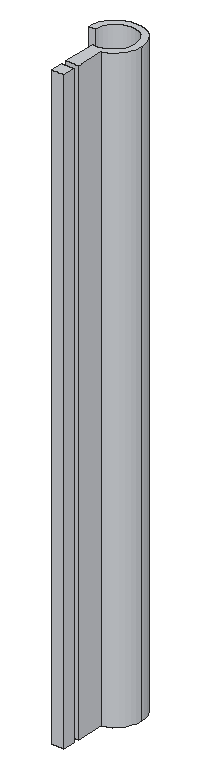
Revit family "Unknown Column", category Structural Columns, Revit 2020
Family settings
  Section Shape = Not Defined
  Material for Model Behavior = Other
  Always export as geometry = No
  Beam cutback in plan = From bounding box
  OmniClass Number = 23.25.30.11.14.11
  OmniClass Title = Columns
  Cut with Voids When Loaded = No
  Symbolic Representation = From Family
  Shared = No
  Show family pre-cut in plan views = Yes
Parameters (values of type "Unknown Column")
  Depth = 650 mm
  Width = 350 mm
Reference planes
  plane 1 "Center (Front/Back)": y = 0
  plane 2: z = 0
  plane 3 "Center (Left/Right)": x = 0
  plane 4 "Left": x = -175
  plane 5 "Right": x = 175
  plane 6 "Back": y = 325
  plane 7 "Front": y = -325
Forms (mm)
  Extrusion 1, solid
    sketch origin (0, 0, 0) x (1, 0, 0) y (0, 1, 0)
      loop
        line (-175, 150) -> (-127.17, 150)
        arc (-127.17, 150) -> (0, 282.891) -> (131.012, 153.786) r 129.119
        arc (131.012, 153.786) -> (89.92, 54.581) -> (-9.285, 13.489) r 140.297
        line (-9.285, 13.489) -> (-40, 13.489) -> (-40, -205) -> (40, -205) -> (40, -20.367)
        arc (40, -20.367) -> (137.159, 41.315) -> (175, 150) r 175
        arc (175, 150) -> (0, 325) -> (-175, 150) r 175
      loop
        line (-40, -325) -> (40, -325) -> (40, -245) -> (-40, -245) -> (-40, -325)
    from 0 to 4000
Dimensions and locks
  equal spacing: plane 4 "Left", plane 3 "Center (Left/Right)", plane 5 "Right"
  equal spacing: plane 7 "Front", plane 1 "Center (Front/Back)", plane 6 "Back"
  "Width": plane 4 "Left" to plane 5 "Right"
  "Depth": plane 7 "Front" to plane 6 "Back"
  aligned and locked: level to plane 2
  aligned and locked: level to Extrusion 1
Automatic sketch dimensions
  Extrusion 1 sketch curve to Extrusion 1 sketch curve = 0 mm  (x2)
  Extrusion 1 sketch curve to plane 4 "Left" = 0 mm
  plane 7 "Front" to Extrusion 1 sketch curve = 0 mm
  Extrusion 1 sketch curve to plane 3 "Center (Left/Right)" = 0 mm
  Extrusion 1 sketch curve to plane 4 "Left" = 47.83 mm
  Extrusion 1 sketch curve to plane 1 "Center (Front/Back)" = 13.489 mm
  Extrusion 1 sketch curve to plane 3 "Center (Left/Right)" = 40 mm
  Extrusion 1 sketch curve to plane 3 "Center (Left/Right)" = 9.285 mm
  plane 3 "Center (Left/Right)" to Extrusion 1 sketch curve = 1.893 mm
  plane 3 "Center (Left/Right)" to Extrusion 1 sketch curve = 40 mm  (x2)
  plane 1 "Center (Front/Back)" to Extrusion 1 sketch curve = 20.367 mm
  Extrusion 1 sketch curve to Extrusion 1 sketch curve = 80 mm
  Extrusion 1 sketch curve to Extrusion 1 sketch curve = 3.786 mm
  Extrusion 1 sketch curve to Extrusion 1 sketch curve = 40 mm
